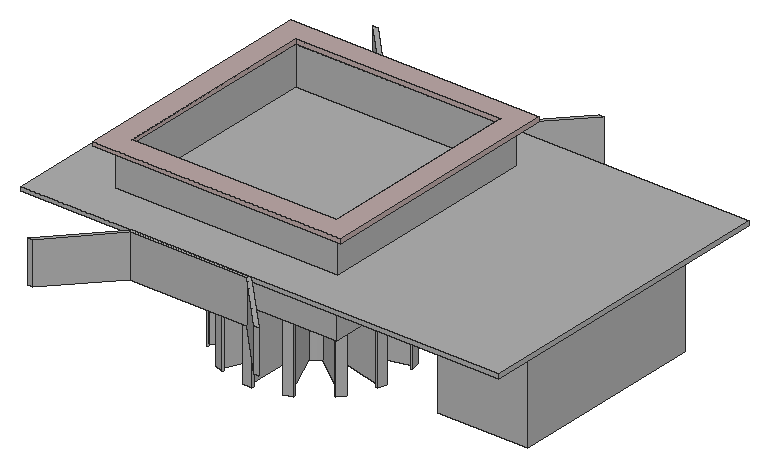
Revit family "LF6SQ", category Lighting Fixtures, host Face, Revit 2014
Parameters (values of type "LF6SQ")
  Width = 12 5/8"
  Wattage Comments = "33"
  Wattage = 33 W
  Warranty = "5-Years Warranty"  # constant formula
  built-in parameter 1150110 = 1 (stored number, unit not read)
  Voltage = 120 V
  URL = "https://www.hubbell.com/prescolite/en/"
  Type Comments = "Light Fixture"  # constant formula
  built-in parameter 1114217 = 1 (stored number, unit not read)
  Tilt Angle = -90.00°
  built-in parameter 1150109 = 1 (stored number, unit not read)
  built-in parameter 1150134 = (empty or 0)
  built-in parameter 1150113 = 1 (stored number, unit not read)
  Product Page URL = "https://www.hubbell.com/hubbell/en/OHW/Lighting-Controls/Commercial-Indoor-Lighting/Recessed-Downlights/LF6SQ/p/212974"
  Product Material = Metal - Hubbell - Steel
  Product Documentation Link = "https://hubbellcdn.com/specsheet/lfr_led_022.pdf"
  Power Factor = 0.9
  Photometric Web File = "LF6SQML-6SQML30L30K8.IES"
  Photometric Notes = "More IES files download on Photometric Link"  # constant formula
  Photometric Link = "https://www.hubbell.com/hubbell/en/OHW/Lighting-Controls/Commercial-Indoor-Lighting/Recessed-Downlights/LF6SQ/p/212974"
  Number of Poles = 1
  Mounting = "Recessed"  # constant formula
  Model = "LF6SQLED"  # constant formula
  Manufacturer = "Prescolite"  # constant formula
  built-in parameter 1150105 = 236.35 (stored number, unit not read)
  Lumens = 2970 lm
  built-in parameter 1150115 = 1 (stored number, unit not read)
  Lower Reference Color [instance] = Trim : Pewter Cone
  Load Classification = Lighting
  built-in parameter 1150137 = (empty or 0)
  built-in parameter 1150139 = (empty or 0)
  Length = 14"
  built-in parameter 1150112 = 1 (stored number, unit not read)
  built-in parameter 1150114 = 1 (stored number, unit not read)
  Lamp = "1"
  built-in parameter 1150132 = (empty or 0)
  built-in parameter 1150102 = (empty or 0)
  built-in parameter 1150107 = 3500 (stored number, unit not read)
  built-in parameter 1150138 = (empty or 0)
  built-in parameter 1150106 = 2.3635 (stored number, unit not read)
  Housing options = "Emergency Battery Pack\r\nwith remote test switch\r\nand indicator light"
  Housing Options = "Emergency Battery Pack with remote test switch and indicator light"
  Height = 5 1/2"
  Glass = Glass - Hubbell - White Glass
  Emit from Rectangle Width = 6"
  Emit from Rectangle Length = 6"
  Emit Shape Visible in Rendering = no
  built-in parameter 1150104 = 8.3613 (stored number, unit not read)
  Dimming Lamp Color Temperature Shift = <None>
  Description = "LF6SQ is a 6inch architectural LED square downlight designed with a 6 degree rotation adjustment to ensure perfect alignment after installation."  # constant formula
  Default Elevation = 48"
  Create Date = "12/21/2018"  # constant formula
  Copyright = "Copyright © 2018 Hubbell "  # constant formula
  Contact us = ""
  Connector Description = "Lighting"  # constant formula
  Color Filter = 16777215
  built-in parameter 1114218 = 1 (stored number, unit not read)
  built-in parameter 1150133 = 10 (stored number, unit not read)
  Assembly Code = "D5020200"
  Apparent Load = 33 VA
Reference planes (in)
  plane 1 "Center (Front/Back)": y = 0.03999
  plane 2: z = 0
  plane 3 "Center (Left/Right)": x = -8.24832
  plane 4: y = -6.27251
  plane 5: y = 6.35249
  plane 6: z = -5.5
  plane 7: x = -15.24832
  plane 8: x = -1.24832
  plane 9: y = 4.60249
  plane 10: y = -4.52251
  plane 11: x = -10.24832
  plane 12: x = -13.12332
  plane 13: x = -7.37332
  plane 14: y = 2.91499
  plane 15: y = -2.83501
  plane 16: x = -4.37332
  plane 17: x = -1.74832
  plane 18: x = -13.62332
  plane 19: x = -6.87332
  plane 20: y = 3.41499
  plane 21: y = -3.33501
  plane 22: x = -12.74832
  plane 23: x = -7.74832
  plane 24: y = 2.41726
  plane 25: y = -2.33727
  plane 26: z = -3.5
  plane 27: z = -2.375
  plane 28: z = -1.125
  plane 29: z = -1.25
  plane 30: z = -3.97251
  plane 31: y = 4.70405
  plane 32: y = -4.62407
  plane 33: z = 0.25
Forms (in)
  Extrusion 1, solid, material "Metal - Hubbell - Steel" <- "Product Material"
    sketch origin (0, 0.03999, 0) x (1, 0, 0) y (0, 0, 1)
      loop
        line (-4.37332, -1.25) -> (-4.37332, -3.97251) -> (-1.74832, -3.97251) -> (-1.74832, -1.25) -> (-4.37332, -1.25)
    from -2.875 to 2.875
  Extrusion 2, solid, material "Metal - Hubbell - Steel" <- "Product Material"
    sketch origin (-60.52219, -180, -1.125) x (-1, 0, 0) y (0, -1, 0)
      loop
        line (-45.27386, -184.60249) -> (-45.27386, -175.47749) -> (-59.27386, -175.47749) -> (-59.27386, -184.60249) -> (-45.27386, -184.60249)
    from 0 to -0.125
  Sweep 3, solid, material "Metal - Hubbell - Steel" <- "Product Material", not visible
    path origin (0.25978, 0, 0) x (0, 1, 0) y (0, 0, 1)
      loop
        line (0.03999, -2.375) -> (0.03999, -5.5)
    profile origin (0.25978, 0.03999, -3.9375) x (1, 0, 0) y (0, 1, 0)
      loop
        line (-10.45811, 0.99875) -> (-10.45811, 1.62007) -> (-10.35811, 1.62007) -> (-10.35811, 1.67007) -> (-10.65811, 1.67007) -> (-10.65811, 1.62007) -> (-10.55811, 1.62007) -> (-10.55811, 0.99875)
        arc (-10.55811, 0.99875) -> (-10.50811, 1) -> (-10.45811, 0.99875) r 1
  Sweep 4, solid, material "Metal - Hubbell - Steel" <- "Product Material", not visible
    path origin (-0.36026, 3.5964, 0) x (-0.34202, 0.939693, 0) y (0, 0, 1)
      loop
        line (0.03999, -2.375) -> (0.03999, -5.5)
    profile origin (-0.37394, 3.63397, -3.9375) x (0.939693, 0.34202, 0) y (-0.34202, 0.939693, 0)
      loop
        line (-10.45811, 0.99875) -> (-10.45811, 1.62007) -> (-10.35811, 1.62007) -> (-10.35811, 1.67007) -> (-10.65811, 1.67007) -> (-10.65811, 1.62007) -> (-10.55811, 1.62007) -> (-10.55811, 0.99875)
        arc (-10.55811, 0.99875) -> (-10.50811, 1) -> (-10.45811, 0.99875) r 1
  Sweep 5, solid, material "Metal - Hubbell - Steel" <- "Product Material", not visible
    path origin (-2.17294, 6.76384, 0) x (-0.642788, 0.766044, 0) y (0, 0, 1)
      loop
        line (0.03999, -2.375) -> (0.03999, -5.5)
    profile origin (-2.19865, 6.79447, -3.9375) x (0.766044, 0.642788, 0) y (-0.642788, 0.766044, 0)
      loop
        line (-10.45811, 0.99875) -> (-10.45811, 1.62007) -> (-10.35811, 1.62007) -> (-10.35811, 1.67007) -> (-10.65811, 1.67007) -> (-10.65811, 1.62007) -> (-10.55811, 1.62007) -> (-10.55811, 0.99875)
        arc (-10.55811, 0.99875) -> (-10.50811, 1) -> (-10.45811, 0.99875) r 1
  Sweep 6, solid, material "Metal - Hubbell - Steel" <- "Product Material", not visible
    path origin (-4.95964, 9.12028, 0) x (-0.866025, 0.5, 0) y (0, 0, 1)
      loop
        line (0.03999, -2.375) -> (0.03999, -5.5)
    profile origin (-4.99427, 9.14028, -3.9375) x (0.5, 0.866025, 0) y (-0.866025, 0.5, 0)
      loop
        line (-10.45811, 0.99875) -> (-10.45811, 1.62007) -> (-10.35811, 1.62007) -> (-10.35811, 1.67007) -> (-10.65811, 1.67007) -> (-10.65811, 1.62007) -> (-10.55811, 1.62007) -> (-10.55811, 0.99875)
        arc (-10.55811, 0.99875) -> (-10.50811, 1) -> (-10.45811, 0.99875) r 1
  Sweep 7, solid, material "Metal - Hubbell - Steel" <- "Product Material", not visible
    path origin (-8.38423, 10.38151, 0) x (-0.984808, 0.173648, 0) y (0, 0, 1)
      loop
        line (0.03999, -2.375) -> (0.03999, -5.5)
    profile origin (-8.42361, 10.38845, -3.9375) x (0.173648, 0.984808, 0) y (-0.984808, 0.173648, 0)
      loop
        line (-10.45811, 0.99875) -> (-10.45811, 1.62007) -> (-10.35811, 1.62007) -> (-10.35811, 1.67007) -> (-10.65811, 1.67007) -> (-10.65811, 1.62007) -> (-10.55811, 1.62007) -> (-10.55811, 0.99875)
        arc (-10.55811, 0.99875) -> (-10.50811, 1) -> (-10.45811, 0.99875) r 1
  Sweep 8, solid, material "Metal - Hubbell - Steel" <- "Product Material", not visible
    path origin (-12.03365, 10.3954, 0) x (-0.984808, -0.173648, 0) y (0, 0, 1)
      loop
        line (0.03999, -2.375) -> (0.03999, -5.5)
    profile origin (-12.07304, 10.38845, -3.9375) x (-0.173648, 0.984808, 0) y (-0.984808, -0.173648, 0)
      loop
        line (-10.45811, 0.99875) -> (-10.45811, 1.62007) -> (-10.35811, 1.62007) -> (-10.35811, 1.67007) -> (-10.65811, 1.67007) -> (-10.65811, 1.62007) -> (-10.55811, 1.62007) -> (-10.55811, 0.99875)
        arc (-10.55811, 0.99875) -> (-10.50811, 1) -> (-10.45811, 0.99875) r 1
  Sweep 9, solid, material "Metal - Hubbell - Steel" <- "Product Material", not visible
    path origin (-15.46774, 9.16027, 0) x (-0.866025, -0.5, 0) y (0, 0, 1)
      loop
        line (0.03999, -2.375) -> (0.03999, -5.5)
    profile origin (-15.50238, 9.14028, -3.9375) x (-0.5, 0.866025, 0) y (-0.866025, -0.5, 0)
      loop
        line (-10.45811, 0.99875) -> (-10.45811, 1.62007) -> (-10.35811, 1.62007) -> (-10.35811, 1.67007) -> (-10.65811, 1.67007) -> (-10.65811, 1.62007) -> (-10.55811, 1.62007) -> (-10.55811, 0.99875)
        arc (-10.55811, 0.99875) -> (-10.50811, 1) -> (-10.45811, 0.99875) r 1
  Sweep 10, solid, material "Metal - Hubbell - Steel" <- "Product Material", not visible
    path origin (-18.27229, 6.82511, 0) x (-0.642788, -0.766044, 0) y (0, 0, 1)
      loop
        line (0.03999, -2.375) -> (0.03999, -5.5)
    profile origin (-18.298, 6.79447, -3.9375) x (-0.766044, 0.642788, 0) y (-0.642788, -0.766044, 0)
      loop
        line (-10.45811, 0.99875) -> (-10.45811, 1.62007) -> (-10.35811, 1.62007) -> (-10.35811, 1.67007) -> (-10.65811, 1.67007) -> (-10.65811, 1.62007) -> (-10.55811, 1.62007) -> (-10.55811, 0.99875)
        arc (-10.55811, 0.99875) -> (-10.50811, 1) -> (-10.45811, 0.99875) r 1
  Sweep 11, solid, material "Metal - Hubbell - Steel" <- "Product Material", not visible
    path origin (-20.10904, 3.67155, 0) x (-0.34202, -0.939693, 0) y (0, 0, 1)
      loop
        line (0.03999, -2.375) -> (0.03999, -5.5)
    profile origin (-20.12271, 3.63397, -3.9375) x (-0.939693, 0.34202, 0) y (-0.34202, -0.939693, 0)
      loop
        line (-10.45811, 0.99875) -> (-10.45811, 1.62007) -> (-10.35811, 1.62007) -> (-10.35811, 1.67007) -> (-10.65811, 1.67007) -> (-10.65811, 1.62007) -> (-10.55811, 1.62007) -> (-10.55811, 0.99875)
        arc (-10.55811, 0.99875) -> (-10.50811, 1) -> (-10.45811, 0.99875) r 1
  Sweep 12, solid, material "Metal - Hubbell - Steel" <- "Product Material", not visible
    path origin (-20.75643, 0.07998, 0) x (0, -1, 0) y (0, 0, 1)
      loop
        line (0.03999, -2.375) -> (0.03999, -5.5)
    profile origin (-20.75643, 0.03999, -3.9375) x (-1, 0, 0) y (0, -1, 0)
      loop
        line (-10.45811, 0.99875) -> (-10.45811, 1.62007) -> (-10.35811, 1.62007) -> (-10.35811, 1.67007) -> (-10.65811, 1.67007) -> (-10.65811, 1.62007) -> (-10.55811, 1.62007) -> (-10.55811, 0.99875)
        arc (-10.55811, 0.99875) -> (-10.50811, 1) -> (-10.45811, 0.99875) r 1
  Sweep 13, solid, material "Metal - Hubbell - Steel" <- "Product Material", not visible
    path origin (-20.13639, -3.51641, 0) x (0.34202, -0.939693, 0) y (0, 0, 1)
      loop
        line (0.03999, -2.375) -> (0.03999, -5.5)
    profile origin (-20.12271, -3.55399, -3.9375) x (-0.939693, -0.34202, 0) y (0.34202, -0.939693, 0)
      loop
        line (-10.45811, 0.99875) -> (-10.45811, 1.62007) -> (-10.35811, 1.62007) -> (-10.35811, 1.67007) -> (-10.65811, 1.67007) -> (-10.65811, 1.62007) -> (-10.55811, 1.62007) -> (-10.55811, 0.99875)
        arc (-10.55811, 0.99875) -> (-10.50811, 1) -> (-10.45811, 0.99875) r 1
  Sweep 14, solid, material "Metal - Hubbell - Steel" <- "Product Material", not visible
    path origin (-18.32371, -6.68385, 0) x (0.642788, -0.766044, 0) y (0, 0, 1)
      loop
        line (0.03999, -2.375) -> (0.03999, -5.5)
    profile origin (-18.298, -6.71449, -3.9375) x (-0.766044, -0.642788, 0) y (0.642788, -0.766044, 0)
      loop
        line (-10.45811, 0.99875) -> (-10.45811, 1.62007) -> (-10.35811, 1.62007) -> (-10.35811, 1.67007) -> (-10.65811, 1.67007) -> (-10.65811, 1.62007) -> (-10.55811, 1.62007) -> (-10.55811, 0.99875)
        arc (-10.55811, 0.99875) -> (-10.50811, 1) -> (-10.45811, 0.99875) r 1
  Sweep 15, solid, material "Metal - Hubbell - Steel" <- "Product Material", not visible
    path origin (-15.53701, -9.0403, 0) x (0.866025, -0.5, 0) y (0, 0, 1)
      loop
        line (0.03999, -2.375) -> (0.03999, -5.5)
    profile origin (-15.50238, -9.06029, -3.9375) x (-0.5, -0.866025, 0) y (0.866025, -0.5, 0)
      loop
        line (-10.45811, 0.99875) -> (-10.45811, 1.62007) -> (-10.35811, 1.62007) -> (-10.35811, 1.67007) -> (-10.65811, 1.67007) -> (-10.65811, 1.62007) -> (-10.55811, 1.62007) -> (-10.55811, 0.99875)
        arc (-10.55811, 0.99875) -> (-10.50811, 1) -> (-10.45811, 0.99875) r 1
  Sweep 16, solid, material "Metal - Hubbell - Steel" <- "Product Material", not visible
    path origin (-12.11242, -10.30153, 0) x (0.984808, -0.173648, 0) y (0, 0, 1)
      loop
        line (0.03999, -2.375) -> (0.03999, -5.5)
    profile origin (-12.07304, -10.30847, -3.9375) x (-0.173648, -0.984808, 0) y (0.984808, -0.173648, 0)
      loop
        line (-10.45811, 0.99875) -> (-10.45811, 1.62007) -> (-10.35811, 1.62007) -> (-10.35811, 1.67007) -> (-10.65811, 1.67007) -> (-10.65811, 1.62007) -> (-10.55811, 1.62007) -> (-10.55811, 0.99875)
        arc (-10.55811, 0.99875) -> (-10.50811, 1) -> (-10.45811, 0.99875) r 1
  Sweep 17, solid, material "Metal - Hubbell - Steel" <- "Product Material", not visible
    path origin (-8.46299, -10.31542, 0) x (0.984808, 0.173648, 0) y (0, 0, 1)
      loop
        line (0.03999, -2.375) -> (0.03999, -5.5)
    profile origin (-8.42361, -10.30847, -3.9375) x (0.173648, -0.984808, 0) y (0.984808, 0.173648, 0)
      loop
        line (-10.45811, 0.99875) -> (-10.45811, 1.62007) -> (-10.35811, 1.62007) -> (-10.35811, 1.67007) -> (-10.65811, 1.67007) -> (-10.65811, 1.62007) -> (-10.55811, 1.62007) -> (-10.55811, 0.99875)
        arc (-10.55811, 0.99875) -> (-10.50811, 1) -> (-10.45811, 0.99875) r 1
  Sweep 18, solid, material "Metal - Hubbell - Steel" <- "Product Material", not visible
    path origin (-5.02891, -9.08029, 0) x (0.866025, 0.5, 0) y (0, 0, 1)
      loop
        line (0.03999, -2.375) -> (0.03999, -5.5)
    profile origin (-4.99427, -9.06029, -3.9375) x (0.5, -0.866025, 0) y (0.866025, 0.5, 0)
      loop
        line (-10.45811, 0.99875) -> (-10.45811, 1.62007) -> (-10.35811, 1.62007) -> (-10.35811, 1.67007) -> (-10.65811, 1.67007) -> (-10.65811, 1.62007) -> (-10.55811, 1.62007) -> (-10.55811, 0.99875)
        arc (-10.55811, 0.99875) -> (-10.50811, 1) -> (-10.45811, 0.99875) r 1
  Sweep 19, solid, material "Metal - Hubbell - Steel" <- "Product Material", not visible
    path origin (-2.22435, -6.74512, 0) x (0.642788, 0.766044, 0) y (0, 0, 1)
      loop
        line (0.03999, -2.375) -> (0.03999, -5.5)
    profile origin (-2.19865, -6.71449, -3.9375) x (0.766044, -0.642788, 0) y (0.642788, 0.766044, 0)
      loop
        line (-10.45811, 0.99875) -> (-10.45811, 1.62007) -> (-10.35811, 1.62007) -> (-10.35811, 1.67007) -> (-10.65811, 1.67007) -> (-10.65811, 1.62007) -> (-10.55811, 1.62007) -> (-10.55811, 0.99875)
        arc (-10.55811, 0.99875) -> (-10.50811, 1) -> (-10.45811, 0.99875) r 1
  Sweep 20, solid, material "Metal - Hubbell - Steel" <- "Product Material", not visible
    path origin (-0.38761, -3.59157, 0) x (0.34202, 0.939693, 0) y (0, 0, 1)
      loop
        line (0.03999, -2.375) -> (0.03999, -5.5)
    profile origin (-0.37394, -3.55399, -3.9375) x (0.939693, -0.34202, 0) y (0.34202, 0.939693, 0)
      loop
        line (-10.45811, 0.99875) -> (-10.45811, 1.62007) -> (-10.35811, 1.62007) -> (-10.35811, 1.67007) -> (-10.65811, 1.67007) -> (-10.65811, 1.62007) -> (-10.55811, 1.62007) -> (-10.55811, 0.99875)
        arc (-10.55811, 0.99875) -> (-10.50811, 1) -> (-10.45811, 0.99875) r 1
  Extrusion 21, solid, material "Metal - Hubbell - Steel" <- "Product Material"
    sketch origin (0.40504, 28.95471, -1) x (0, 1, 0) y (-1, 0, 0)
      loop
        arc (-26.41823, 10.52098) -> (-26.41472, 10.65337) -> (-26.41823, 10.78576) r 2.5
        line (-26.41823, 10.78576) -> (-26.46908, 10.78576)
        arc (-26.46908, 10.78576) -> (-26.46682, 10.73368) -> (-26.46567, 10.68158) r 2.44922
        line (-26.46567, 10.68158) -> (-28.16525, 10.68158)
        arc (-28.16525, 10.68158) -> (-28.18111, 10.8093) -> (-28.21857, 10.93243) r 0.75
        line (-28.21857, 10.93243) -> (-26.66592, 11.62371)
        arc (-26.66592, 11.62371) -> (-26.64578, 11.57564) -> (-26.62667, 11.52715) r 2.44922
        line (-26.62667, 11.52715) -> (-26.58022, 11.54784)
        arc (-26.58022, 11.54784) -> (-26.63086, 11.67021) -> (-26.68791, 11.78972) r 2.5
        line (-26.68791, 11.78972) -> (-26.73437, 11.76904)
        arc (-26.73437, 11.76904) -> (-26.70971, 11.71948) -> (-26.68618, 11.66938) r 2.44922
        line (-26.68618, 11.66938) -> (-28.23869, 10.97815)
        arc (-28.23869, 10.97815) -> (-28.32371, 11.11511) -> (-28.43604, 11.23074) r 0.75
        line (-28.43604, 11.23074) -> (-27.38976, 12.56991)
        arc (-27.38976, 12.56991) -> (-27.34684, 12.53496) -> (-27.30471, 12.49905) r 2.44922
        line (-27.30471, 12.49905) -> (-27.2734, 12.53912)
        arc (-27.2734, 12.53912) -> (-27.37557, 12.62339) -> (-27.48205, 12.70214) r 2.5
        line (-27.48205, 12.70214) -> (-27.51336, 12.66206)
        arc (-27.51336, 12.66206) -> (-27.47094, 12.63179) -> (-27.42916, 12.60062) r 2.44922
        line (-27.42916, 12.60062) -> (-28.47553, 11.26132)
        arc (-28.47553, 11.26132) -> (-28.58594, 11.32746) -> (-28.70604, 11.37375) r 0.75
        line (-28.70604, 11.37375) -> (-28.29487, 13.02285)
        arc (-28.29487, 13.02285) -> (-28.24459, 13.00912) -> (-28.19461, 12.99433) r 2.44922
        line (-28.19461, 12.99433) -> (-28.18231, 13.04367)
        arc (-28.18231, 13.04367) -> (-28.30992, 13.0791) -> (-28.43922, 13.10773) r 2.5
        line (-28.43922, 13.10773) -> (-28.45153, 13.05839)
        arc (-28.45153, 13.05839) -> (-28.39729, 13.0473) -> (-28.34332, 13.035) r 2.44922
        line (-28.34332, 13.035) -> (-28.75445, 11.38604)
        arc (-28.75445, 11.38604) -> (-28.91472, 11.40337) -> (-29.07499, 11.38604) r 0.75
        line (-29.07499, 11.38604) -> (-29.48612, 13.035)
        arc (-29.48612, 13.035) -> (-29.43215, 13.0473) -> (-29.37792, 13.05839) r 2.44922
        line (-29.37792, 13.05839) -> (-29.39022, 13.10773)
        arc (-29.39022, 13.10773) -> (-29.51953, 13.0791) -> (-29.64714, 13.04367) r 2.5
        line (-29.64714, 13.04367) -> (-29.63483, 12.99433)
        arc (-29.63483, 12.99433) -> (-29.58486, 13.00912) -> (-29.53458, 13.02285) r 2.44922
        line (-29.53458, 13.02285) -> (-29.12341, 11.37375)
        arc (-29.12341, 11.37375) -> (-29.2435, 11.32746) -> (-29.35391, 11.26132) r 0.75
        line (-29.35391, 11.26132) -> (-30.40028, 12.60062)
        arc (-30.40028, 12.60062) -> (-30.35851, 12.63179) -> (-30.31608, 12.66206) r 2.44922
        line (-30.31608, 12.66206) -> (-30.34739, 12.70214)
        arc (-30.34739, 12.70214) -> (-30.45388, 12.62339) -> (-30.55604, 12.53912) r 2.5
        line (-30.55604, 12.53912) -> (-30.52473, 12.49905)
        arc (-30.52473, 12.49905) -> (-30.48261, 12.53496) -> (-30.43969, 12.56991) r 2.44922
        line (-30.43969, 12.56991) -> (-29.39341, 11.23074)
        arc (-29.39341, 11.23074) -> (-29.50573, 11.11511) -> (-29.59075, 10.97815) r 0.75
        line (-29.59075, 10.97815) -> (-31.14326, 11.66938)
        arc (-31.14326, 11.66938) -> (-31.11973, 11.71948) -> (-31.09508, 11.76904) r 2.44922
        line (-31.09508, 11.76904) -> (-31.14153, 11.78972)
        arc (-31.14153, 11.78972) -> (-31.19859, 11.67021) -> (-31.24923, 11.54784) r 2.5
        line (-31.24923, 11.54784) -> (-31.20277, 11.52715)
        arc (-31.20277, 11.52715) -> (-31.18366, 11.57564) -> (-31.16352, 11.62371) r 2.44922
        line (-31.16352, 11.62371) -> (-29.61087, 10.93243)
        arc (-29.61087, 10.93243) -> (-29.64833, 10.8093) -> (-29.66419, 10.68158) r 0.75
        line (-29.66419, 10.68158) -> (-31.36378, 10.68158)
        arc (-31.36378, 10.68158) -> (-31.36262, 10.73368) -> (-31.36036, 10.78576) r 2.44922
        line (-31.36036, 10.78576) -> (-31.41121, 10.78576)
        arc (-31.41121, 10.78576) -> (-31.41472, 10.65337) -> (-31.41121, 10.52098) r 2.5
        line (-31.41121, 10.52098) -> (-31.36036, 10.52098)
        arc (-31.36036, 10.52098) -> (-31.36273, 10.57628) -> (-31.36384, 10.63162) r 2.44922
        line (-31.36384, 10.63162) -> (-29.66441, 10.63162)
        arc (-29.66441, 10.63162) -> (-29.649, 10.5006) -> (-29.61087, 10.3743) r 0.75
        line (-29.61087, 10.3743) -> (-31.16352, 9.68302)
        arc (-31.16352, 9.68302) -> (-31.18366, 9.73109) -> (-31.20277, 9.77958) r 2.44922
        line (-31.20277, 9.77958) -> (-31.24923, 9.75889)
        arc (-31.24923, 9.75889) -> (-31.19859, 9.63652) -> (-31.14153, 9.51701) r 2.5
        line (-31.14153, 9.51701) -> (-31.09508, 9.53769)
        arc (-31.09508, 9.53769) -> (-31.11973, 9.58725) -> (-31.14326, 9.63735) r 2.44922
        line (-31.14326, 9.63735) -> (-29.59075, 10.32858)
        arc (-29.59075, 10.32858) -> (-29.50573, 10.19162) -> (-29.39341, 10.07599) r 0.75
        line (-29.39341, 10.07599) -> (-30.43969, 8.73682)
        arc (-30.43969, 8.73682) -> (-30.48261, 8.77177) -> (-30.52473, 8.80768) r 2.44922
        line (-30.52473, 8.80768) -> (-30.55604, 8.76761)
        arc (-30.55604, 8.76761) -> (-30.45388, 8.68334) -> (-30.34739, 8.6046) r 2.5
        line (-30.34739, 8.6046) -> (-30.31608, 8.64467)
        arc (-30.31608, 8.64467) -> (-30.35851, 8.67494) -> (-30.40028, 8.70611) r 2.44922
        line (-30.40028, 8.70611) -> (-29.35391, 10.04541)
        arc (-29.35391, 10.04541) -> (-29.2435, 9.97927) -> (-29.12341, 9.93298) r 0.75
        line (-29.12341, 9.93298) -> (-29.53458, 8.28388)
        arc (-29.53458, 8.28388) -> (-29.58486, 8.29761) -> (-29.63483, 8.3124) r 2.44922
        line (-29.63483, 8.3124) -> (-29.64714, 8.26306)
        arc (-29.64714, 8.26306) -> (-29.51953, 8.22763) -> (-29.39022, 8.199) r 2.5
        line (-29.39022, 8.199) -> (-29.37792, 8.24835)
        arc (-29.37792, 8.24835) -> (-29.43215, 8.25943) -> (-29.48612, 8.27173) r 2.44922
        line (-29.48612, 8.27173) -> (-29.07499, 9.92069)
        arc (-29.07499, 9.92069) -> (-28.91472, 9.90337) -> (-28.75445, 9.92069) r 0.75
        line (-28.75445, 9.92069) -> (-28.34332, 8.27173)
        arc (-28.34332, 8.27173) -> (-28.39729, 8.25943) -> (-28.45153, 8.24835) r 2.44922
        line (-28.45153, 8.24835) -> (-28.43922, 8.199)
        arc (-28.43922, 8.199) -> (-28.30992, 8.22763) -> (-28.18231, 8.26306) r 2.5
        line (-28.18231, 8.26306) -> (-28.19461, 8.3124)
        arc (-28.19461, 8.3124) -> (-28.24459, 8.29761) -> (-28.29487, 8.28388) r 2.44922
        line (-28.29487, 8.28388) -> (-28.70604, 9.93298)
        arc (-28.70604, 9.93298) -> (-28.58594, 9.97927) -> (-28.47553, 10.04541) r 0.75
        line (-28.47553, 10.04541) -> (-27.42916, 8.70611)
        arc (-27.42916, 8.70611) -> (-27.47094, 8.67494) -> (-27.51336, 8.64467) r 2.44922
        line (-27.51336, 8.64467) -> (-27.48205, 8.6046)
        arc (-27.48205, 8.6046) -> (-27.37557, 8.68334) -> (-27.2734, 8.76761) r 2.5
        line (-27.2734, 8.76761) -> (-27.30471, 8.80768)
        arc (-27.30471, 8.80768) -> (-27.34684, 8.77177) -> (-27.38976, 8.73682) r 2.44922
        line (-27.38976, 8.73682) -> (-28.43604, 10.07599)
        arc (-28.43604, 10.07599) -> (-28.32371, 10.19162) -> (-28.23869, 10.32858) r 0.75
        line (-28.23869, 10.32858) -> (-26.68618, 9.63735)
        arc (-26.68618, 9.63735) -> (-26.70971, 9.58725) -> (-26.73437, 9.53769) r 2.44922
        line (-26.73437, 9.53769) -> (-26.68791, 9.51701)
        arc (-26.68791, 9.51701) -> (-26.63086, 9.63652) -> (-26.58022, 9.75889) r 2.5
        line (-26.58022, 9.75889) -> (-26.62667, 9.77958)
        arc (-26.62667, 9.77958) -> (-26.64578, 9.73109) -> (-26.66592, 9.68302) r 2.44922
        line (-26.66592, 9.68302) -> (-28.21857, 10.3743)
        arc (-28.21857, 10.3743) -> (-28.18045, 10.5006) -> (-28.16504, 10.63162) r 0.75
        line (-28.16504, 10.63162) -> (-26.4656, 10.63162)
        arc (-26.4656, 10.63162) -> (-26.46672, 10.57628) -> (-26.46908, 10.52098) r 2.44922
        line (-26.46908, 10.52098) -> (-26.41823, 10.52098)
    from -4.5 to -2.5
  Extrusion 22, solid, material "Metal - Hubbell - Steel" <- "Product Material"
    sketch origin (0.40504, 28.95471, -1) x (0, 1, 0) y (-1, 0, 0)
      loop
        line (-26.53746, 13.15337) -> (-31.29199, 13.15337) -> (-31.29199, 8.15337) -> (-26.53746, 8.15337) -> (-26.53746, 13.15337)
    from -2.5 to -0.25
  Extrusion 23, void
    sketch origin (0.40504, 28.95471, -1) x (0, 1, 0) y (-1, 0, 0)
      loop
        line (-25.53972, 14.02837) -> (-32.28972, 14.02837) -> (-32.28972, 7.27837) -> (-25.53972, 7.27837) -> (-25.53972, 14.02837)
    from -0.125 to 1
  Extrusion 24, solid, material "Metal - Hubbell - Steel" <- "Product Material"
    sketch origin (-60.52219, -180, -1.125) x (-1, 0, 0) y (0, -1, 0)
      loop
        line (-48.52386, -184.60249) -> (-52.02386, -184.60249) -> (-53.64886, -186.35249) -> (-53.51026, -186.35249) -> (-51.97957, -184.70405) -> (-48.56815, -184.70405) -> (-47.03746, -186.35249) -> (-46.89886, -186.35249) -> (-48.52386, -184.60249)
      loop
        line (-48.52386, -175.47749) -> (-46.89886, -173.72749) -> (-47.03746, -173.72749) -> (-48.56815, -175.37593) -> (-51.97957, -175.37593) -> (-53.51026, -173.72749) -> (-53.64886, -173.72749) -> (-52.02386, -175.47749) -> (-48.52386, -175.47749)
    from 0 to -1.25
Dimensions and locks (in)
  equal spacing: plane 5, plane 1 "Center (Front/Back)", plane 4
  "Width": plane 5 to plane 4
  equal spacing: plane 7, plane 3 "Center (Left/Right)", plane 8
  "Length": plane 7 to plane 8
  equal spacing: plane 9, plane 1 "Center (Front/Back)", plane 10
  locked: plane 9 to plane 10 at 9.125
  locked: plane 7 to plane 11 at 5
  equal spacing: plane 14, plane 1 "Center (Front/Back)", plane 15
  plane 1 "Center (Front/Back)" to plane 14 = 2 7/8"
  plane 11 to plane 12 = 2 7/8"
  equal spacing: plane 13, plane 11, plane 12
  plane 17 to plane 8 = 1/2"
  host face to plane 6 = 5 1/2"
  equal spacing: plane 22, plane 11, plane 23, locked at 2.5 each
  equal spacing: plane 24, plane 1 "Center (Front/Back)", plane 25, locked at 2.37726 each
  locked: level to plane 26 at 3.5
  locked: level to plane 27 at 2.375
  locked: plane 2 to plane 28 at 1.125
  locked: plane 28 to plane 29 at 0.125
  "Height": plane 2 to plane 6
  locked: host face to plane 30 at 3.97251
  locked: plane 31 to plane 9 at 0.10156
  locked: plane 10 to plane 32 at 0.10156
  locked: Extrusion 24 to Extrusion 24 at 0.10156  (x4)
  aligned and locked: plane 2 to host face
  aligned and locked: level to host face
  aligned and locked: Extrusion 2 sketch curve to plane 9
  aligned and locked: plane 7 to Extrusion 2 sketch curve
  aligned and locked: plane 10 to Extrusion 2 sketch curve
  aligned and locked: Extrusion 2 sketch curve to plane 8
  aligned and locked: plane 17 to Extrusion 1 sketch curve
  aligned and locked: Extrusion 21 to plane 6
  aligned and locked: plane 22 to Extrusion 22 sketch curve
  aligned and locked: plane 23 to Extrusion 22 sketch curve
  aligned and locked: plane 24 to Extrusion 22 sketch curve
  aligned and locked: Extrusion 22 sketch curve to plane 25
  aligned and locked: Extrusion 22 to Extrusion 21
  aligned and locked: plane 1 "Center (Front/Back)" to nested 1
  aligned and locked: plane 11 to nested 1
  aligned and locked: plane 1 "Center (Front/Back)" to Extrusion 21 sketch curve
  aligned and locked: plane 14 to Extrusion 1
  aligned and locked: Extrusion 1 to plane 17
  aligned and locked: Extrusion 1 to plane 15
  aligned and locked: plane 16 to Extrusion 1
  aligned and locked: plane 26 to Extrusion 21
  aligned and locked: imposter light to plane 1 "Center (Front/Back)"
  aligned and locked: Extrusion 2 to plane 28
  aligned and locked: plane 29 to Extrusion 2
  aligned and locked: Extrusion 22 to Extrusion 2
  aligned and locked: Extrusion 1 to Extrusion 2
  aligned and locked: Extrusion 23 sketch curve to plane 20
  aligned and locked: Extrusion 23 sketch curve to plane 19
  aligned and locked: plane 21 to Extrusion 23 sketch curve
  aligned and locked: plane 18 to Extrusion 23 sketch curve
  aligned and locked: level to Extrusion 23
  aligned and locked: Extrusion 23 to Extrusion 2
  aligned and locked: plane 30 to Extrusion 1 sketch curve
  aligned and locked: Extrusion 24 sketch curve to Extrusion 2
  aligned and locked: Extrusion 24 sketch curve to plane 5
  aligned and locked: plane 5 to Extrusion 24 sketch curve
  aligned and locked: Extrusion 24 sketch curve to plane 31
  aligned and locked: Extrusion 2 to Extrusion 24 sketch curve
  aligned and locked: plane 32 to Extrusion 24 sketch curve
  aligned and locked: plane 4 to Extrusion 24 sketch curve
  aligned and locked: Extrusion 24 sketch curve to plane 4
  aligned and locked: Extrusion 24 to plane 27
  aligned and locked: plane 19 to Extrusion 24 sketch curve  (x2)
  aligned and locked: plane 18 to Extrusion 24 sketch curve  (x2)
  aligned and locked: imposter light to plane 33
Automatic sketch dimensions
  host sketch curve to host sketch curve = 96"  (x2)
  profile plane to Sweep 3 sketch curve = 0"
  Sweep 3 sketch curve to Sweep 3 sketch curve = 0.1"  (x3)
  Sweep 3 sketch curve to Sweep 3 sketch curve = 0.05"  (x2)
  Sweep 3 sketch curve to profile plane = 0.99875"
  Sweep 3 sketch curve to Sweep 3 sketch curve = 0.62132"
  Sweep 3 sketch curve to Sweep 3 sketch curve = 0"
  Sweep 3 sketch curve to Sweep 3 sketch curve = 3 1/8"
  Sweep 3 sketch curve to profile plane = 10.65811"
  profile plane to Sweep 4 sketch curve = 0"
  Sweep 4 sketch curve to Sweep 4 sketch curve = 0.1"  (x3)
  Sweep 4 sketch curve to Sweep 4 sketch curve = 0.05"  (x2)
  Sweep 4 sketch curve to profile plane = 0.99875"
  Sweep 4 sketch curve to Sweep 4 sketch curve = 0.62132"
  Sweep 4 sketch curve to Sweep 4 sketch curve = 0"
  Sweep 4 sketch curve to Sweep 4 sketch curve = 3 1/8"
  Sweep 4 sketch curve to profile plane = 10.65811"
  profile plane to Sweep 5 sketch curve = 0"
  Sweep 5 sketch curve to Sweep 5 sketch curve = 0.1"  (x3)
  Sweep 5 sketch curve to Sweep 5 sketch curve = 0.05"  (x2)
  Sweep 5 sketch curve to profile plane = 0.99875"
  Sweep 5 sketch curve to Sweep 5 sketch curve = 0.62132"
  Sweep 5 sketch curve to Sweep 5 sketch curve = 0"
  Sweep 5 sketch curve to Sweep 5 sketch curve = 3 1/8"
  Sweep 5 sketch curve to profile plane = 10.65811"
  profile plane to Sweep 6 sketch curve = 0"
  Sweep 6 sketch curve to Sweep 6 sketch curve = 0.1"  (x3)
  Sweep 6 sketch curve to Sweep 6 sketch curve = 0.05"  (x2)
  Sweep 6 sketch curve to profile plane = 0.99875"
  Sweep 6 sketch curve to Sweep 6 sketch curve = 0.62132"
  Sweep 6 sketch curve to Sweep 6 sketch curve = 0"
  Sweep 6 sketch curve to Sweep 6 sketch curve = 3 1/8"
  Sweep 6 sketch curve to profile plane = 10.65811"
  profile plane to Sweep 7 sketch curve = 0"
  Sweep 7 sketch curve to Sweep 7 sketch curve = 0.1"  (x3)
  Sweep 7 sketch curve to Sweep 7 sketch curve = 0.05"  (x2)
  Sweep 7 sketch curve to profile plane = 0.99875"
  Sweep 7 sketch curve to Sweep 7 sketch curve = 0.62132"
  Sweep 7 sketch curve to Sweep 7 sketch curve = 0"
  Sweep 7 sketch curve to Sweep 7 sketch curve = 3 1/8"
  Sweep 7 sketch curve to profile plane = 10.65811"
  profile plane to Sweep 8 sketch curve = 0"
  Sweep 8 sketch curve to Sweep 8 sketch curve = 0.1"  (x3)
  Sweep 8 sketch curve to Sweep 8 sketch curve = 0.05"  (x2)
  Sweep 8 sketch curve to profile plane = 0.99875"
  Sweep 8 sketch curve to Sweep 8 sketch curve = 0.62132"
  Sweep 8 sketch curve to Sweep 8 sketch curve = 0"
  Sweep 8 sketch curve to Sweep 8 sketch curve = 3 1/8"
  Sweep 8 sketch curve to profile plane = 10.65811"
  profile plane to Sweep 9 sketch curve = 0"
  Sweep 9 sketch curve to Sweep 9 sketch curve = 0.1"  (x3)
  Sweep 9 sketch curve to Sweep 9 sketch curve = 0.05"  (x2)
  Sweep 9 sketch curve to profile plane = 0.99875"
  Sweep 9 sketch curve to Sweep 9 sketch curve = 0.62132"
  Sweep 9 sketch curve to Sweep 9 sketch curve = 0"
  Sweep 9 sketch curve to Sweep 9 sketch curve = 3 1/8"
  Sweep 9 sketch curve to profile plane = 10.65811"
  profile plane to Sweep 10 sketch curve = 0"
  Sweep 10 sketch curve to Sweep 10 sketch curve = 0.1"  (x3)
  Sweep 10 sketch curve to Sweep 10 sketch curve = 0.05"  (x2)
  Sweep 10 sketch curve to profile plane = 0.99875"
  Sweep 10 sketch curve to Sweep 10 sketch curve = 0.62132"
  Sweep 10 sketch curve to Sweep 10 sketch curve = 0"
  Sweep 10 sketch curve to Sweep 10 sketch curve = 3 1/8"
  Sweep 10 sketch curve to profile plane = 10.65811"
  profile plane to Sweep 11 sketch curve = 0"
  Sweep 11 sketch curve to Sweep 11 sketch curve = 0.1"  (x3)
  Sweep 11 sketch curve to Sweep 11 sketch curve = 0.05"  (x2)
  Sweep 11 sketch curve to profile plane = 0.99875"
  Sweep 11 sketch curve to Sweep 11 sketch curve = 0.62132"
  Sweep 11 sketch curve to Sweep 11 sketch curve = 0"
  Sweep 11 sketch curve to Sweep 11 sketch curve = 3 1/8"
  Sweep 11 sketch curve to profile plane = 10.65811"
  profile plane to Sweep 12 sketch curve = 0"
  Sweep 12 sketch curve to Sweep 12 sketch curve = 0.1"  (x3)
  Sweep 12 sketch curve to Sweep 12 sketch curve = 0.05"  (x2)
  Sweep 12 sketch curve to profile plane = 0.99875"
  Sweep 12 sketch curve to Sweep 12 sketch curve = 0.62132"
  Sweep 12 sketch curve to Sweep 12 sketch curve = 0"
  Sweep 12 sketch curve to Sweep 12 sketch curve = 3 1/8"
  Sweep 12 sketch curve to profile plane = 10.65811"
  profile plane to Sweep 13 sketch curve = 0"
  Sweep 13 sketch curve to Sweep 13 sketch curve = 0.1"  (x3)
  Sweep 13 sketch curve to Sweep 13 sketch curve = 0.05"  (x2)
  Sweep 13 sketch curve to profile plane = 0.99875"
  Sweep 13 sketch curve to Sweep 13 sketch curve = 0.62132"
  Sweep 13 sketch curve to Sweep 13 sketch curve = 0"
  Sweep 13 sketch curve to Sweep 13 sketch curve = 3 1/8"
  Sweep 13 sketch curve to profile plane = 10.65811"
  profile plane to Sweep 14 sketch curve = 0"
  Sweep 14 sketch curve to Sweep 14 sketch curve = 0.1"  (x3)
  Sweep 14 sketch curve to Sweep 14 sketch curve = 0.05"  (x2)
  Sweep 14 sketch curve to profile plane = 0.99875"
  Sweep 14 sketch curve to Sweep 14 sketch curve = 0.62132"
  Sweep 14 sketch curve to Sweep 14 sketch curve = 0"
  Sweep 14 sketch curve to Sweep 14 sketch curve = 3 1/8"
  Sweep 14 sketch curve to profile plane = 10.65811"
  profile plane to Sweep 15 sketch curve = 0"
  Sweep 15 sketch curve to Sweep 15 sketch curve = 0.1"  (x3)
  Sweep 15 sketch curve to Sweep 15 sketch curve = 0.05"  (x2)
  Sweep 15 sketch curve to profile plane = 0.99875"
  Sweep 15 sketch curve to Sweep 15 sketch curve = 0.62132"
  Sweep 15 sketch curve to Sweep 15 sketch curve = 0"
  Sweep 15 sketch curve to Sweep 15 sketch curve = 3 1/8"
  Sweep 15 sketch curve to profile plane = 10.65811"
  profile plane to Sweep 16 sketch curve = 0"
  Sweep 16 sketch curve to Sweep 16 sketch curve = 0.1"  (x3)
  Sweep 16 sketch curve to Sweep 16 sketch curve = 0.05"  (x2)
  Sweep 16 sketch curve to profile plane = 0.99875"
  Sweep 16 sketch curve to Sweep 16 sketch curve = 0.62132"
  Sweep 16 sketch curve to Sweep 16 sketch curve = 0"
  Sweep 16 sketch curve to Sweep 16 sketch curve = 3 1/8"
  Sweep 16 sketch curve to profile plane = 10.65811"
  profile plane to Sweep 17 sketch curve = 0"
  Sweep 17 sketch curve to Sweep 17 sketch curve = 0.1"  (x3)
  Sweep 17 sketch curve to Sweep 17 sketch curve = 0.05"  (x2)
  Sweep 17 sketch curve to profile plane = 0.99875"
  Sweep 17 sketch curve to Sweep 17 sketch curve = 0.62132"
  Sweep 17 sketch curve to Sweep 17 sketch curve = 0"
  Sweep 17 sketch curve to Sweep 17 sketch curve = 3 1/8"
  Sweep 17 sketch curve to profile plane = 10.65811"
  profile plane to Sweep 18 sketch curve = 0"
  Sweep 18 sketch curve to Sweep 18 sketch curve = 0.1"  (x3)
  Sweep 18 sketch curve to Sweep 18 sketch curve = 0.05"  (x2)
  Sweep 18 sketch curve to profile plane = 0.99875"
  Sweep 18 sketch curve to Sweep 18 sketch curve = 0.62132"
  Sweep 18 sketch curve to Sweep 18 sketch curve = 0"
  Sweep 18 sketch curve to Sweep 18 sketch curve = 3 1/8"
  Sweep 18 sketch curve to profile plane = 10.65811"
  profile plane to Sweep 19 sketch curve = 0"
  Sweep 19 sketch curve to Sweep 19 sketch curve = 0.1"  (x3)
  Sweep 19 sketch curve to Sweep 19 sketch curve = 0.05"  (x2)
  Sweep 19 sketch curve to profile plane = 0.99875"
  Sweep 19 sketch curve to Sweep 19 sketch curve = 0.62132"
  Sweep 19 sketch curve to Sweep 19 sketch curve = 0"
  Sweep 19 sketch curve to Sweep 19 sketch curve = 3 1/8"
  Sweep 19 sketch curve to profile plane = 10.65811"
  profile plane to Sweep 20 sketch curve = 0"
  Sweep 20 sketch curve to Sweep 20 sketch curve = 0.1"  (x3)
  Sweep 20 sketch curve to Sweep 20 sketch curve = 0.05"  (x2)
  Sweep 20 sketch curve to profile plane = 0.99875"
  Sweep 20 sketch curve to Sweep 20 sketch curve = 0.62132"
  Sweep 20 sketch curve to Sweep 20 sketch curve = 0"
  Sweep 20 sketch curve to Sweep 20 sketch curve = 3 1/8"
  Sweep 20 sketch curve to profile plane = 10.65811"
  Extrusion 1 sketch curve to plane 29 = 0"
  plane 19 to Extrusion 1 sketch curve = 2 1/2"
  Extrusion 24 sketch curve to Extrusion 24 sketch curve = 0.1386"  (x2)
  Extrusion 24 sketch curve to plane 3 "Center (Left/Right)" = 1/4"  (x2)
  Extrusion 24 sketch curve to Extrusion 24 sketch curve = 0.04429"  (x4)
  plane 12 to Extrusion 24 sketch curve = 1.16929"  (x2)
  plane 18 to Extrusion 24 sketch curve = 0.1386"  (x2)
  Extrusion 21 sketch curve to Extrusion 21 sketch curve = 0"  (x111)
  Extrusion 21 sketch curve to plane 11 = 0"
  plane 1 "Center (Front/Back)" to Extrusion 21 sketch curve = 0.4632"  (x2)
  Extrusion 21 sketch curve to Extrusion 21 sketch curve = 0.0123"  (x8)
  Extrusion 21 sketch curve to Extrusion 21 sketch curve = 0.1082"  (x4)
  Extrusion 21 sketch curve to Extrusion 21 sketch curve = 0.04845"  (x4)
  Extrusion 21 sketch curve to Extrusion 21 sketch curve = 0.10026"  (x4)
  plane 3 "Center (Left/Right)" to Extrusion 21 sketch curve = 0.34096"  (x2)
  plane 3 "Center (Left/Right)" to Extrusion 21 sketch curve = 0.0087"  (x2)
  Extrusion 21 sketch curve to Extrusion 21 sketch curve = 0.68125"  (x4)
  plane 3 "Center (Left/Right)" to Extrusion 21 sketch curve = 0.04877"  (x2)
  Extrusion 21 sketch curve to Extrusion 21 sketch curve = 0.03131"  (x6)
  Extrusion 21 sketch curve to Extrusion 21 sketch curve = 0.0842"  (x2)
  Extrusion 21 sketch curve to plane 3 "Center (Left/Right)" = 0.05275"  (x2)
  Extrusion 21 sketch curve to plane 3 "Center (Left/Right)" = 0.08345"  (x2)
  Extrusion 21 sketch curve to Extrusion 21 sketch curve = 0.0394"  (x4)
  Extrusion 21 sketch curve to Extrusion 21 sketch curve = 0.08505"  (x2)
  Extrusion 21 sketch curve to plane 3 "Center (Left/Right)" = 0.15432"  (x2)
  Extrusion 21 sketch curve to plane 3 "Center (Left/Right)" = 0.11424"  (x2)
  plane 15 to Extrusion 21 sketch curve = 0.69465"  (x2)
  Extrusion 21 sketch curve to Extrusion 21 sketch curve = 0.04646"  (x8)
  Extrusion 21 sketch curve to Extrusion 21 sketch curve = 0.04819"  (x4)
  Extrusion 21 sketch curve to Extrusion 21 sketch curve = 0.02026"  (x4)
  Extrusion 21 sketch curve to Extrusion 21 sketch curve = 0.03925"  (x4)
  plane 11 to Extrusion 21 sketch curve = 0.13239"
  plane 15 to Extrusion 21 sketch curve = 0.42936"
  Extrusion 21 sketch curve to plane 11 = 0.02821"  (x2)
  Extrusion 21 sketch curve to Extrusion 21 sketch curve = 0.00342"  (x2)
  Extrusion 21 sketch curve to Extrusion 21 sketch curve = 0.05085"  (x2)
  Extrusion 21 sketch curve to plane 1 "Center (Front/Back)" = 0.4632"  (x2)
  plane 11 to Extrusion 21 sketch curve = 0.02174"  (x2)
  Extrusion 21 sketch curve to plane 14 = 0.69465"  (x2)
  Extrusion 21 sketch curve to plane 11 = 0.13239"
  Extrusion 21 sketch curve to plane 14 = 0.42936"
  Extrusion 21 sketch curve to Extrusion 21 sketch curve = 0.00007"
  Extrusion 21 sketch curve to Extrusion 21 sketch curve = 0.01215"  (x4)
  Extrusion 21 sketch curve to Extrusion 21 sketch curve = 0.04934"  (x4)
  Extrusion 21 sketch curve to plane 3 "Center (Left/Right)" = 0.86364"  (x2)
  Extrusion 21 sketch curve to Extrusion 21 sketch curve = 0.02068"  (x4)
  Extrusion 21 sketch curve to Extrusion 21 sketch curve = 0.04566"  (x4)
  Extrusion 21 sketch curve to Extrusion 21 sketch curve = 0.7414"  (x2)
  Extrusion 21 sketch curve to Extrusion 21 sketch curve = 0.73001"  (x2)
  Extrusion 21 sketch curve to Extrusion 21 sketch curve = 0.04007"  (x2)
  Extrusion 21 sketch curve to Extrusion 21 sketch curve = 0.0307"  (x2)
  plane 12 to Extrusion 21 sketch curve = 0.53404"  (x2)
  plane 1 "Center (Front/Back)" to Extrusion 21 sketch curve = 0.16027"  (x2)
  Extrusion 21 sketch curve to Extrusion 21 sketch curve = 0.04842"  (x4)
  Extrusion 21 sketch curve to Extrusion 21 sketch curve = 0.2305"  (x4)
  Extrusion 21 sketch curve to Extrusion 21 sketch curve = 0.0395"  (x4)
  plane 11 to Extrusion 21 sketch curve = 0.32479"
  Extrusion 21 sketch curve to plane 11 = 0.27906"  (x2)
  Extrusion 21 sketch curve to plane 1 "Center (Front/Back)" = 0.16027"  (x2)
  plane 11 to Extrusion 21 sketch curve = 0.27906"
  Extrusion 21 sketch curve to Extrusion 21 sketch curve = 0.02012"  (x4)
  Extrusion 21 sketch curve to Extrusion 21 sketch curve = 0.05332"  (x2)
  Extrusion 21 sketch curve to Extrusion 21 sketch curve = 0.19734"
  Extrusion 21 sketch curve to Extrusion 21 sketch curve = 0.03058"  (x4)
  Extrusion 21 sketch curve to Extrusion 21 sketch curve = 0.01229"  (x4)
  Extrusion 21 sketch curve to Extrusion 21 sketch curve = 0.00022"
  Extrusion 21 sketch curve to Extrusion 21 sketch curve = 0.07366"
  Extrusion 21 sketch curve to Extrusion 21 sketch curve = 0.04572"
Nested families (in)
  nested 1: "Trim" at (-10.24832, 0.03999, -1.125), type <- "Lower Reference Color", Finish <- "Product Material", type "Pewter Cone"
    with Finish Metal - Hubbell - Steel, Aperture 3 1/2"
Connectors (in)
  electrical at (-10.24832, 0.03999, -3.5), driven by "Voltage", driven by "Apparent Load", driven by "Power Factor", driven by "Connector Description"
    settings: on Extrusion 22, index 1, voltage 120 V, apparent load 33 VA, apparent load phase1 0 VA, apparent load phase2 0 VA, apparent load phase3 0 VA, power factor 0.9, load classification "Lighting", number of poles 1, system type 30, power factor state 1, is connector primary yes, connector utility no, sub classification motor no, connector description "Lighting"
Definition of nested family "Trim"
  Parameters (values of type "Wheat Cone")
    Voltage = 120 V
    URL = ""
    Product Page URL = ""
    Product Documentation Link = ""
    Model = "B3232"
    Manufacturer Phone = "(201)-664-8200"
    Manufacturer Fax = "(201)-664-4801"
    Manufacturer = ""
    Inputs Watts = 0 W
    Glass = Glass - Hubbell - White Glass
    Finish [instance] = Paint - Hubbell - Matte Black
    Description = ""
    Default Elevation = 48"
    Cone Finish = Paint - Hubbell - Wheat
    Apparent Load = 0 VA
    Aperture [instance] = 4 1/2"
  Types (6): name | Model | Manufacturer Phone | Manufacturer Fax | Cone Finish | Aperture
    Black Cone | "" | "" | "" | Paint - Hubbell - Matte Black | 3 1/2"
    Champagne Gold cone | "" | "" | "" | Paint - Hubbell - Gold | 4 1/2"
    Wheat Cone | "B3232" | "(201)-664-8200" | "(201)-664-4801" | Paint - Hubbell - Wheat | 4 1/2"
    Pewter Cone | "" | "" | "" | Paint - Hubbell - Pewter | 3 1/2"
    Light Wheat | "" | "" | "" | Paint - Hubbell - Light Wheat | 3 1/2"
    White Cone | "" | "" | "" | Paint - Hubbell - White | 3 1/2"
  Reference planes (in)
    plane 1 "Center (Front/Back)": y = 0
    plane 2: z = 0
    plane 3 "Center (Left/Right)": x = 0
    plane 4: y = 2.5
    plane 5: y = -2.5
    plane 6: z = 1.25
    plane 7: y = 3.25
    plane 8: y = -3.25
    plane 9: x = -3.375
    plane 10: x = 3.375
    plane 11: x = -3.25
    plane 12: x = -3
    plane 13: x = 3.25
    plane 14: x = 3
    plane 15: x = -3.625
    plane 16: x = 3.625
    plane 17: y = 3.625
    plane 18: y = -3.625
    plane 19: z = 1.125
  Forms (in)
    Extrusion 1, solid
      sketch origin (0, 0, 0) x (1, 0, 0) y (0, 1, 0)
        loop
          line (-24, 24) -> (-24, -24) -> (24, -24) -> (24, 24) -> (-24, 24)
      from 0 to -6
    Extrusion 2, solid, material "Paint - Hubbell - Matte Black" <- "Finish"
      sketch origin (0, 0, 0) x (1, 0, 0) y (0, 1, 0)
        loop
          line (-3, 3) -> (-3, -3) -> (3, -3) -> (3, 3) -> (-3, 3)
        loop
          line (-3.25, -3.25) -> (3.25, -3.25) -> (3.25, 3.25) -> (-3.25, 3.25) -> (-3.25, -3.25)
      from 1.125 to 0
    Extrusion 3, solid, material "Paint - Hubbell - Wheat" <- "Cone Finish"
      sketch origin (0, 0, 0) x (1, 0, 0) y (0, 1, 0)
        loop
          line (-3.625, 3.625) -> (-3.625, -3.625) -> (3.625, -3.625) -> (3.625, 3.625) -> (-3.625, 3.625)
        loop
          line (-3, 3) -> (-3, -3) -> (3, -3) -> (3, 3) -> (-3, 3)
      from 1.125 to 1.25
    Extrusion 4, solid, material "Glass - Hubbell - White Glass" <- "Glass"
      sketch origin (0, 0, 0) x (1, 0, 0) y (0, 1, 0)
        loop
          line (-3, 3) -> (-3, -3) -> (3, -3) -> (3, 3) -> (-3, 3)
      from 1.125 to 1.25
  Dimensions and locks (in)
    locked: Extrusion 1 sketch curve to Extrusion 1 sketch curve at 48  (x2)
    equal spacing: Extrusion 1 sketch curve, plane 3 "Center (Left/Right)", Extrusion 1 sketch curve
    equal spacing: Extrusion 1 sketch curve, plane 1 "Center (Front/Back)", Extrusion 1 sketch curve
    plane 3 "Center (Left/Right)" to Extrusion 1 sketch curve = 24"
    plane 1 "Center (Front/Back)" to Extrusion 1 sketch curve = 24"
    equal spacing: plane 4, plane 1 "Center (Front/Back)", plane 5
    locked: plane 4 to plane 5 at 5
    plane 6 to plane 2 = 1 1/4"  (x2)
    equal spacing: plane 7, plane 1 "Center (Front/Back)", plane 8
    equal spacing: plane 10, plane 3 "Center (Left/Right)", plane 9
    plane 7 to plane 8 = 6 1/2"
    plane 14 to plane 3 "Center (Left/Right)" to plane 12 = 3" locked, 3" locked
    plane 11 to plane 3 "Center (Left/Right)" to plane 13 = 3 1/4" locked, 3 1/4" locked
    plane 12 to plane 3 "Center (Left/Right)" to plane 14 = 3" locked, 3" locked
    plane 17 to plane 1 "Center (Front/Back)" = 3 5/8"
    locked: plane 6 to plane 19 at 0.125
    aligned and locked: plane 2 to Extrusion 1
    aligned and locked: level to Extrusion 1
    aligned and locked: plane 11 to Extrusion 2 sketch curve
    aligned and locked: plane 12 to Extrusion 2 sketch curve
    aligned and locked: plane 14 to Extrusion 2 sketch curve
    aligned and locked: plane 13 to Extrusion 2 sketch curve
    aligned and locked: plane 6 to Extrusion 3
    aligned and locked: plane 15 to Extrusion 3 sketch curve
    aligned and locked: plane 17 to Extrusion 3 sketch curve
    aligned and locked: plane 16 to Extrusion 3 sketch curve
    aligned and locked: plane 18 to Extrusion 3 sketch curve
    aligned and locked: Extrusion 2 to Extrusion 3
    aligned and locked: Extrusion 2 to level
    aligned and locked: plane 19 to Extrusion 2
    aligned and locked: Extrusion 4 to Extrusion 2
    aligned and locked: plane 6 to Extrusion 4
  Automatic sketch dimensions
    plane 8 to Extrusion 2 sketch curve = 1/4"
    Extrusion 2 sketch curve to Extrusion 2 sketch curve = 1/4"  (x2)
    plane 7 to Extrusion 2 sketch curve = 0"
    Extrusion 3 sketch curve to plane 12 = 0"
    Extrusion 3 sketch curve to plane 14 = 0"
    plane 8 to Extrusion 3 sketch curve = 1/4"
    plane 7 to Extrusion 3 sketch curve = 1/4"
    Extrusion 4 sketch curve to plane 12 = 0"
    Extrusion 4 sketch curve to plane 14 = 0"
    plane 8 to Extrusion 4 sketch curve = 1/4"
    plane 7 to Extrusion 4 sketch curve = 1/4"
